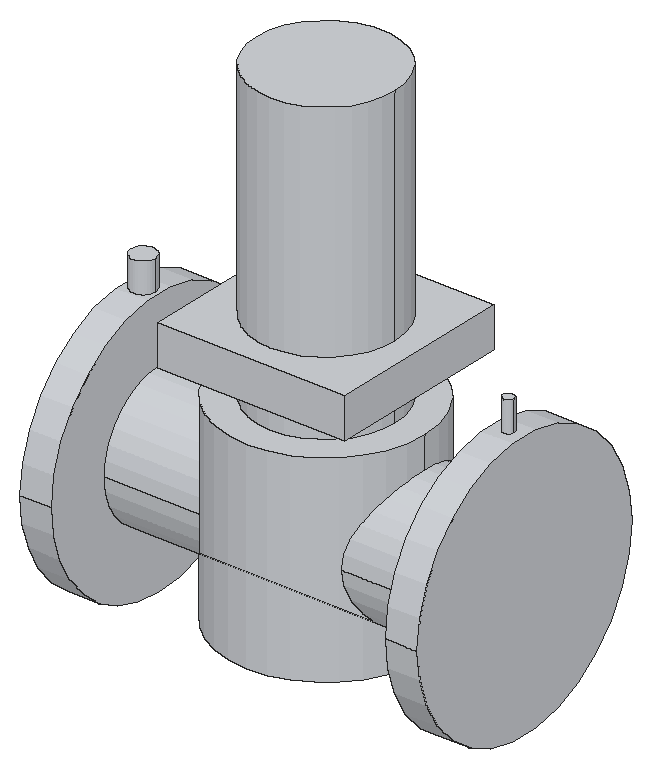
Revit family "PV_Compact_PN16_DN125_(20-100kPa)_RFA_2018", category Pipe Accessories, Revit 2018
Family settings
  Round Connector Dimension = Use Diameter
  Part Type = Valve - Breaks Into
  Work Plane-Based = No
  Always vertical = Yes
  Cut with Voids When Loaded = No
  Shared = No
Parameters (values of type "PV Compact PN16 DN125 (20-100kPa)")
  magiProductId = "e22e3bcdfcda477085ce507150ab41"
  magiProductFamilyId = "23d1f353e6b1477a88f64fef0dfa1d"
  magiPartTypeId = 304
  isMeasuringValve [instance] = no
  ang2D [instance] = 0.00°
  W2D = 50 mm
  VersionID = "2.0/2018.12.13.2/FRESE_PV_COMPACT_BIG_Q13_001"
  Use Minimum Symbol Size [instance] = no
  URL = "www.hydronic.cz"
  Type Comments = "PŘÍRUBOVÝ; PN16; dpmax=1000kPa; -10~+120°C"
  R4 = 70 mm
  R3 = 70.2 mm
  R1 = 100 mm
  QmdConnectorList = "301;D;302;D"
  Productdata [instance] = ""
  Manufacturer = "Hydronic Systems Prague s.r.o."
  Maintenance Zone Under Depth [instance] = 100 mm
  Maintenance Zone Right Depth [instance] = 100 mm
  Maintenance Zone Over Depth [instance] = 100 mm
  Maintenance Zone Left Depth [instance] = 100 mm
  Maintenance Zone Front Depth [instance] = 100 mm
  Maintenance Zone Back Depth [instance] = 100 mm
  Maintenance Zone Front Visibility [instance] = no
  MC Use Limits From Balancing Method = no
  MC Throttling Minimum Value = 0
  MC Throttling Maximum Value = 0
  MC Product Code = "53-3312 DN125 PN16; nastavitelný rozsah dp=20~100kPa; Q=19,0~76,0 m3/h;  kvs=170"
  MC Pressure Drop Minimum Value = 0.0 Pa
  MC Pressure Drop Maximum Value = 0.0 Pa
  MC Piping Given Pressure Drop [instance] = 0.0 Pa
  LF__ve = -LF  # -32 mm
  LF2 = 16 mm
  LF = 32 mm
  L4 = 188 mm
  L3 = 336 mm
  L2D_Min = 30.48 mm
  L2D = 230 mm
  L2 = 200 mm
  H6 = 225.5 mm
  H4 = 40.5 mm
  H3 = 33.75 mm
  H2 = 101.25 mm
  H1 = 202.5 mm
  Description = "Nastavitelný regulátor tlakové diference"
  DF2 = 135 mm
  D = 125 mm
  Clearance Zone Height Depth [instance] = 100 mm
  Clearance Zone Circular Radius [instance] = 200 mm
  Clearance Zone Visibility [instance] = no
  CAT0 = yes
Types (7, lengths in mm): name | magiProductId | Type Comments | R4 | R3 | R1 | MC Product Code | LF__ve | LF2 | LF | L4 | L3 | L2 | H6 | H4 | H3 | H2 | H1 | DF2 | D | Clearance Zone Circular Radius
  PV Compact PN16 DN050 (20-100kPa) | "00877ad72a9f485bb97ca64af9b4c2" | "PŘÍRUBOVÝ; PN16; dpmax=1000kPa; -10~+120°C" | 40.25 | 42.9 | 57.5 | "53-3300 DN50 PN16; nastavitelný rozsah dp=20~100kPa; Q=3,2~13 m3/h;  kvs=29" | -18.4 | 9.2 | 18.4 | 108.1 | 193.2 | 115 | 82.25 | 24.75 | 20.625 | 61.875 | 123.75 | 82.5 | 50 | 115
  PV Compact PN16 DN065 (20-100kPa) | "4caf92840fdb43d88ad3b460526bbd" | "PŘÍRUBOVÝ; PN16; dpmax=1000kPa; -10~+120°C" | 50.75 | 48.1 | 72.5 | "53-3303 DN65 PN16; nastavitelný rozsah dp=20~100kPa; Q=4,7~18,8 m3/h;  kvs=42" | -23.2 | 11.6 | 23.2 | 136.3 | 243.6 | 145 | 105.25 | 27.75 | 23.125 | 69.375 | 138.75 | 92.5 | 65 | 145
  PV Compact PN16 DN080 (20-100kPa) | "fe1ae4728650433e927a6ac465ecb1" | "PŘÍRUBOVÝ; PN16; dpmax=1000kPa; -10~+120°C" | 54.25 | 52 | 77.5 | "53-3306 DN80 PN16; nastavitelný rozsah dp=20~100kPa; Q=7,5~30 m3/h;  kvs=67" | -24.8 | 12.4 | 24.8 | 145.7 | 260.4 | 155 | 141 | 30 | 25 | 75 | 150 | 100 | 80 | 155
  PV Compact PN16 DN100 (20-100kPa) | "9ee8abb4b353443d9e820e5bd3bf33" | "PŘÍRUBOVÝ; PN16; dpmax=1000kPa; -10~+120°C" | 61.25 | 61.1 | 87.5 | "53-3309 DN100 PN16; nastavitelný rozsah dp=20~100kPa; Q=12,9~51,4 m3/h;  kvs=115" | -28 | 14 | 28 | 164.5 | 294 | 175 | 234.75 | 35.25 | 29.375 | 88.125 | 176.25 | 117.5 | 100 | 175
  PV Compact PN16 DN125 (20-100kPa) | "e22e3bcdfcda477085ce507150ab41" | "PŘÍRUBOVÝ; PN16; dpmax=1000kPa; -10~+120°C" | 70 | 70.2 | 100 | "53-3312 DN125 PN16; nastavitelný rozsah dp=20~100kPa; Q=19,0~76,0 m3/h;  kvs=170" | -32 | 16 | 32 | 188 | 336 | 200 | 225.5 | 40.5 | 33.75 | 101.25 | 202.5 | 135 | 125 | 200
  PV Compact PN16 DN150 (20-100kPa) | "c042f62d475c462ea84624600fc620" | "PŘÍRUBOVÝ; PN16; dpmax=1000kPa; -10~+120°C" | 84 | 74.1 | 120 | "53-3315 DN150 PN16; nastavitelný rozsah dp=20~100kPa; Q=28,0~112 m3/h;  kvs=250" | -38.4 | 19.2 | 38.4 | 225.6 | 403.2 | 240 | 256.25 | 42.75 | 35.625 | 106.875 | 213.75 | 142.5 | 150 | 240
  PV Compact PN16 DN200 (20-100kPa) | "073b87d1a570497386745af6d59d88" | "PŘÍRUBOVÝ; PN16; dpmax=1000kPa; -10~+110°C" | 105 | 98.8 | 150 | "53-3318 DN200 PN16; nastavitelný rozsah dp=20~100kPa; Q=30,7~123 m3/h;  kvs=275" | -48 | 24 | 48 | 282 | 504 | 300 | 150 | 57 | 47.5 | 142.5 | 285 | 190 | 200 | 300
Reference planes
  plane 1 "Center (Front/Back)": y = 0
  plane 2 "XYPLANE": z = 0
  plane 3 "Center (Left/Right)": x = 0
  plane 4 "257": y = -135
  plane 5 "256": y = 135
  plane 6 "255": z = -135
  plane 7 "254": y = -235
  plane 8 "253": y = 235
  plane 9 "252": x = -300
  plane 10 "251": x = 300
  plane 11 "250": z = 501
  plane 12 "249": z = -235
  plane 13 "248": z = 501
  plane 14 "247": z = 401
  plane 15 "157": x = 184
  plane 16 "156": x = -184
  plane 17 "155": z = 135
  plane 18 "154": z = 175.5
  plane 19 "153": z = 135
  plane 20 "152": z = 101.25
  plane 21 "151": x = -168
  plane 22 "150": z = -101.25
  plane 23 "149": x = 0
  plane 24 "148": y = 0
  plane 25 "147": z = 0
  plane 26 "146": x = -200
  plane 27 "145": x = 200
Forms (mm)
  Blend 1, solid, visible <- "Maintenance Zone Front Visibility"
    base sketch origin (-750, 0, -235) x (1, 0, 0) y (0, 1, 0)
      loop
        line (450, 235) -> (450, -235) -> (1050, -235) -> (1050, 235) -> (450, 235)
    top sketch origin (-750, 0, -235) x (1, 0, 0) y (0, 1, 0)
      loop
        line (450, 235) -> (450, -235) -> (1050, -235) -> (1050, 235) -> (450, 235)
    from 0 to 736
  Blend 2, solid, visible <- "Clearance Zone Visibility"
    base sketch origin (-750, 0, 0) x (1, 0, 0) y (0, 1, 0)
      loop
        circle (750, 0) r 200
    top sketch origin (-750, 0, 0) x (1, 0, 0) y (0, 1, 0)
      loop
        circle (750, 0) r 200
    from 0 to 501
  Extrusion 3, solid, visible <- "CAT0"
    sketch origin (-750, 0, 135) x (1, 0, 0) y (0, 1, 0)
      loop
        circle (934, 0) r 5.5
    from 0 to 30
  Extrusion 4, solid, visible <- "CAT0"
    sketch origin (-750, 0, 135) x (1, 0, 0) y (0, 1, 0)
      loop
        circle (566, 0) r 12.3
    from 0 to 30
  Extrusion 5, solid
    sketch origin (-750, 0, 175.5) x (1, 0, 0) y (0, 1, 0)
      loop
        circle (750, 0) r 70
    from 0 to 225.5 <- "H6"
  Extrusion 6, solid, visible <- "CAT0"
    sketch origin (-750, 0, 135) x (1, 0, 0) y (0, 1, 0)
      loop
        line (844, 94) -> (656, 94) -> (656, -94) -> (844, -94) -> (844, 94)
    from 0 to 40.5 <- "H4"
  Extrusion 7, solid, visible <- "CAT0"
    sketch origin (-750, 0, 101.25) x (1, 0, 0) y (0, 1, 0)
      loop
        circle (750, 0) r 70
    from 0 to 33.75 <- "H3"
  Extrusion 8, solid, visible <- "CAT0"
    sketch origin (-168, -750, 0) x (0, 1, 0) y (0, 0, 1)
      loop
        circle (750, 0) r 70.2
    from 0 to 336 <- "L3"
  Extrusion 9, solid, visible <- "CAT0"
    sketch origin (-750, 0, -101.25) x (1, 0, 0) y (0, 1, 0)
      loop
        circle (750, 0) r 100
    from 0 to 202.5 <- "H1"
  Extrusion 10, solid, visible <- "CAT0"
    sketch origin (-200, -750, 0) x (0, 1, 0) y (0, 0, 1)
      loop
        circle (750, 0) r 135
    from 0 to 32 <- "LF"
  Extrusion 11, solid, visible <- "CAT0"
    sketch origin (200, -750, 0) x (0, 1, 0) y (0, 0, 1)
      loop
        circle (750, 0) r 135
    from 0 to -32 <- "LF__ve"
  Extrusion 12, solid, not visible
    sketch origin (-200, -750, 0) x (0, 1, 0) y (0, 0, 1)
      loop
        circle (750, 0) r 10
    from 0 to 10
  Extrusion 13, solid, not visible
    sketch origin (200, -750, 0) x (0, 1, 0) y (0, 0, 1)
      loop
        circle (750, 0) r 10
    from 0 to -10
Lines and regions (mm)
  reference lines, not visible
    curve 1: circle (2, 2, 0) r 1 normal (0, 0, 1)
  reference lines
    curve 2: circle (0, 0, 135) r 1 normal (0, 0, 1)
Dimensions and locks
  plane 1 "Center (Front/Back)" to curve 1 = 2 mm
  "DF2": plane 24 "148" to plane 4 "257"
  "DF2": plane 24 "148" to plane 5 "256"
  "DF2": plane 25 "147" to plane 6 "255"
  "Maintenance Zone Front Depth": plane 4 "257" to plane 7 "254"
  "Maintenance Zone Back Depth": plane 5 "256" to plane 8 "253"
  "Maintenance Zone Left Depth": plane 26 "146" to plane 9 "252"
  "Maintenance Zone Right Depth": plane 27 "145" to plane 10 "251"
  "Maintenance Zone Over Depth": plane 14 "247" to plane 11 "250"
  "Maintenance Zone Under Depth": plane 6 "255" to plane 12 "249"
  "Clearance Zone Height Depth": plane 14 "247" to plane 13 "248"
  "H6": plane 18 "154" to plane 14 "247"
  "LF2": plane 27 "145" to plane 15 "157"
  "LF2": plane 26 "146" to plane 16 "156"
  "DF2": plane 2 "XYPLANE" to plane 17 "155"
  "H4": plane 19 "153" to plane 18 "154"
  "H3": plane 20 "152" to plane 19 "153"
  "H1": plane 22 "150" to plane 20 "152"
  "LF": plane 26 "146" to plane 21 "151"
  "H2": plane 2 "XYPLANE" to plane 22 "150"
  locked: plane 3 "Center (Left/Right)" to plane 23 "149"
  locked: plane 1 "Center (Front/Back)" to plane 24 "148"
  locked: plane 2 "XYPLANE" to plane 25 "147"
  "L2": plane 3 "Center (Left/Right)" to plane 26 "146"
  "L2": plane 3 "Center (Left/Right)" to plane 27 "145"
  Blend 1 sketch curve to Blend 1 sketch curve = 0 mm  (x16)
  equal spacing: Extrusion 6 sketch curve, curve 2, Extrusion 6 sketch curve  (x2)
  "L4": Extrusion 6 sketch curve to Extrusion 6 sketch curve  (x2)
  Extrusion 6 sketch curve to Extrusion 6 sketch curve = 0 mm  (x8)
  "Clearance Zone Circular Radius": radius of Blend 2 sketch curve  (x2)
  "R4": radius of Extrusion 5 sketch curve
  "R4": radius of Extrusion 7 sketch curve
  "R3": radius of Extrusion 8 sketch curve
  "R1": radius of Extrusion 9 sketch curve
  "DF2": radius of Extrusion 10 sketch curve
  "DF2": radius of Extrusion 11 sketch curve
  aligned and locked: level to plane 2 "XYPLANE"
  aligned and locked: Blend 1 sketch curve to plane 8 "253"  (x2)
  aligned and locked: plane 9 "252" to Blend 1 sketch curve  (x4)
  aligned and locked: plane 10 "251" to Blend 1 sketch curve  (x4)
  aligned and locked: plane 8 "253" to Blend 1 sketch curve  (x2)
  aligned and locked: plane 7 "254" to Blend 1 sketch curve  (x4)
  aligned and locked: plane 11 "250" to Blend 1
  aligned and locked: plane 23 "149" to Blend 2 sketch curve  (x2)
  aligned and locked: plane 24 "148" to Blend 2 sketch curve  (x2)
  aligned and locked: plane 13 "248" to Blend 2
  aligned and locked: plane 15 "157" to Extrusion 3 sketch curve
  aligned and locked: plane 24 "148" to Extrusion 3 sketch curve
  aligned and locked: plane 16 "156" to Extrusion 4 sketch curve
  aligned and locked: plane 24 "148" to Extrusion 4 sketch curve
  aligned and locked: plane 23 "149" to Extrusion 5 sketch curve
  aligned and locked: plane 24 "148" to Extrusion 5 sketch curve
  aligned and locked: plane 23 "149" to curve 2
  aligned and locked: plane 24 "148" to curve 2
  aligned and locked: plane 23 "149" to Extrusion 7 sketch curve
  aligned and locked: plane 24 "148" to Extrusion 7 sketch curve
  aligned and locked: Extrusion 8 sketch curve to plane 24 "148"
  aligned and locked: plane 25 "147" to Extrusion 8 sketch curve
  aligned and locked: plane 23 "149" to Extrusion 9 sketch curve
  aligned and locked: plane 24 "148" to Extrusion 9 sketch curve
  aligned and locked: Extrusion 10 sketch curve to plane 24 "148"
  aligned and locked: plane 25 "147" to Extrusion 10 sketch curve
  aligned and locked: Extrusion 11 sketch curve to plane 24 "148"
  aligned and locked: plane 25 "147" to Extrusion 11 sketch curve
  aligned and locked: Extrusion 12 sketch curve to plane 24 "148"
  aligned and locked: plane 25 "147" to Extrusion 12 sketch curve
  aligned and locked: Extrusion 13 sketch curve to plane 24 "148"
  aligned and locked: plane 25 "147" to Extrusion 13 sketch curve
Automatic sketch dimensions
  Extrusion 3 sketch curve to plane 15 "157" = 5.5 mm
  plane 26 "146" to Extrusion 4 sketch curve = 3.7 mm
  plane 1 "Center (Front/Back)" to Extrusion 12 sketch curve = 10 mm
  plane 1 "Center (Front/Back)" to Extrusion 13 sketch curve = 10 mm
  plane 3 "Center (Left/Right)" to curve 1 = 2 mm
  plane 21 "151" to Extrusion 6 sketch curve = 74 mm
  plane 4 "257" to Extrusion 6 sketch curve = 41 mm
  radius of curve 2 = 1 mm
  radius of curve 1 = 1 mm
Connectors
  piping at (-200, 0, 0), diameter 125, driven by "D"
    settings: on Extrusion 12, index 1, connector inside diameter 609.6 mm, connector length 0 mm, flow factor 0, pipe flow 0.0 L/s, pressure drop 0.0 Pa, fitting loss kfactor 0, connector angle 0.00°, fixture units 0, engagement length 0 mm, angle of deflection 0.00°, flow configuration 0, flow direction 0, fitting loss method 0, system type 29, joint type 0, gender type 0, connector reference index 2, connector utility 0, adjustable connector no, is connector primary yes, connector description ""
  piping at (200, 0, 0), diameter 125, driven by "D"
    settings: on Extrusion 13, index 2, connector inside diameter 609.6 mm, connector length 0 mm, flow factor 0, pipe flow 0.0 L/s, pressure drop 0.0 Pa, fitting loss kfactor 0, connector angle 0.00°, fixture units 0, engagement length 0 mm, angle of deflection 0.00°, flow configuration 0, flow direction 0, fitting loss method 0, system type 29, joint type 0, gender type 0, connector reference index 1, connector utility 0, adjustable connector no, is connector primary no, connector description ""
